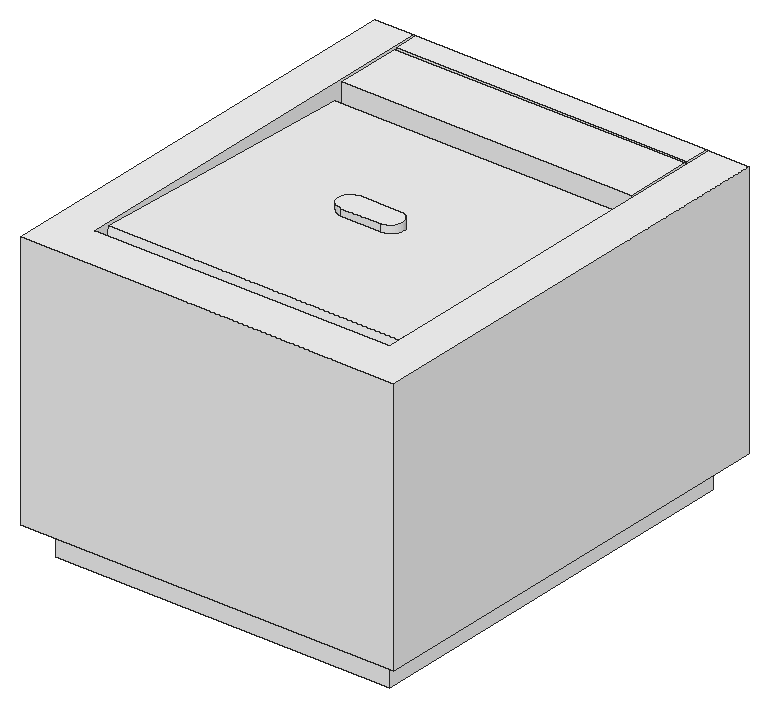
Revit family "Gira_010730", category Electrical Fixtures, host Face, Revit 2017
Family settings
  Host = Face
  Maintain Annotation Orientation = Yes
  Round Connector Dimension = Use Diameter
  Part Type = Normal
  Cut with Voids When Loaded = No
  Shared = No
  Room Calculation Point = No
Parameters (values of type "Rocker sw. interm.sw. WP surface-mounted grey")
  With mounting plate = "No"
  Wiring system = "Intermediate switch"
  White [instance] = White
  Washing machine switch = "No"
  URL = "http://katalog.gira.de/en/datenblatt.html?artikelnr=010730"
  Type of lighting = "Not included"
  Type of fastening = "Screw mounting"
  Surface protection = "Other"
  Suitable for degree of protection (IP) = "IP44"
  Rated current = "10"
  Push button switch = "No"
  Number of rockers = "1"
  Number of modules (module system) = "1"
  Nominal voltage = "250"
  Name = "Rocker sw. interm.sw. WP surface-mounted grey"
  Mounting method = "Surface mounted (plaster)"
  Method of operation = "Rocker/button"
  Material quality = "Other"
  Material = "Other"
  Manufacturer URL = "https://www.gira.de/"
  Manufacturer = "Gira"
  Label space/information surface = "No"
  Illumination = "Yes"
  HeinzeBIM = "https://bimportal.heinze.de/bim/rocker-sw-interm-sw-wp-surface-mounted-grey/d38cd6cec44ea605be947c82d8015248c3a0dca0"
  Halogen free = "No"
  HAN = "010730"
  GTIN = "4010337107309"
  Function lighting = "Illuminated (on)"
  Feedback-signal contact = "No"
  Description = "Rock.sw.interm.sw.WP SM GY,Rocker switch 10 AX 250 V~,Intermediate switch,grey,Notes :,- Can also be connected with illumination."
  Default Elevation = 1219.2 mm
  Data sheet (1) = "https://katalog.gira.de/en/download.html?artikelnr=010730"
  Connection type = "Plug clamp"
  Colour = "Grey"
  Category = "Switch"
  BIM (1) = "https://media.stage.bim.site/public/gira/36a6b08/IP44_Komplettgerät_Schalten und Tasten.rfa?public/gira/36a6b08/IP44_Komplettgerät_Schalten und Tasten.rfa"
  Available = "No"
  Assembly arrangement = "Basic element with complete housing"
Reference planes
  plane 1 "Center (Front/Back)": y = 0
  plane 2: z = 0
  plane 3 "Center (Left/Right)": x = 0
  plane 4: x = 30
  plane 5: x = -30
  plane 6: z = 41.4
Forms (mm)
  Extrusion 1, solid, material "White" <- "White", detail levels medium+fine
    sketch origin (0, 0, 0) x (1, 0, 0) y (0, 1, 0)
      loop
        line (-34, 41) -> (-34, -41) -> (34, -41) -> (34, 41) -> (-34, 41)
    from 0 to -6.2
  Extrusion 2, solid, material "White" <- "White", detail levels medium+fine
    sketch origin (0, 0, 0) x (1, 0, 0) y (0, 1, 0)
      loop
        line (-38, 45) -> (-38, -45) -> (38, -45) -> (38, 45) -> (-38, 45)
    from 0 to 52.4
  Extrusion 3, void
    sketch origin (0, 0, 0) x (1, 0, 0) y (0, 0, 1)
      loop
        line (-30, 59.413) -> (-30, 41.4) -> (30, 41.4) -> (30, 59.413) -> (-30, 59.413)
    from 36 to -113.06
  Extrusion 4, solid, material "White" <- "White", detail levels medium
    sketch origin (225, 0, 0) x (1, 0, 0) y (0, 1, 0)
      loop
        line (-254.5, 44.5) -> (-254.5, -35.5) -> (-195.5, -35.5) -> (-195.5, 44.5) -> (-254.5, 44.5)
    from 41.4 to 52.4
  Extrusion 5, solid, material "White" <- "White", detail levels fine
    sketch origin (0, 0, 0) x (1, 0, 0) y (0, 1, 0)
      loop
        line (-29.5, 45) -> (-29.5, 40) -> (29.5, 40) -> (29.5, 45) -> (-29.5, 45)
    from 41.4 to 52.4
  Extrusion 6, solid, material "White" <- "White", detail levels fine
    sketch origin (0, 0, 0) x (1, 0, 0) y (0, 1, 0)
      loop
        line (29.5, 39.5) -> (-29.5, 39.5) -> (-29.5, 26) -> (29.5, 26) -> (29.5, 39.5)
    from 41.4 to 52.4
  Extrusion 7, solid, material "White" <- "White", detail levels fine
    sketch origin (0, 0, 0) x (1, 0, 0) y (0, 1, 0)
      loop
        arc (-4, -1) -> (-6.5, -3.5) -> (-4, -6) r 2.5
        line (-4, -6) -> (4, -6)
        arc (4, -6) -> (6.5, -3.5) -> (4, -1) r 2.5
        line (4, -1) -> (-4, -1)
    from 41.4 to 52.4
  Extrusion 8, solid, material "White" <- "White", detail levels coarse
    sketch origin (0, 0, 0) x (1, 0, 0) y (0, 1, 0)
      loop
        line (-38, 46) -> (-38, -45) -> (38, -45) -> (38, 46) -> (-38, 46)
    from -6.2 to 52.4
  Extrusion 9, solid, material "White" <- "White", detail levels medium+fine
    sketch origin (0, 0, 0) x (1, 0, 0) y (0, 0, 1)
      loop
        circle (0, 14) r 3.6
    from -46 to -45
  Extrusion 10, solid, material "White" <- "White", detail levels fine
    sketch origin (0, 0, 0) x (0, 1, 0) y (0, 0, 1)
      loop
        line (-36, 41.4) -> (26, 41.4) -> (24.38, 49.736) -> (-33.115, 52.169) -> (-36, 41.4)
    from -29.5 to 29.5
Cuts and joins
  Extrusion 3 cuts Extrusion 2
Dimensions and locks
  aligned and locked: plane 2 to host face
  aligned and locked: level to host face
  aligned and locked: plane 3 "Center (Left/Right)" to nested 1
  aligned and locked: plane 1 "Center (Front/Back)" to nested 1
Nested families
  nested 1: "Schalter" at (0, 0, 0), type "Schalter"
Connectors
  electrical at (0, 0, -6.2)
    settings: on Extrusion 1, index 1, voltage 224 V, apparent load 0 VA, apparent load phase1 0 VA, apparent load phase2 0 VA, apparent load phase3 0 VA, power factor 1, load classification "Other", number of poles 1, system type 30, power factor state 1, is connector primary yes, connector utility no, sub classification motor no, connector description ""
Definition of nested family "Schalter"
  Reference planes
    plane 1: y = 0
    plane 2: x = 0
  Lines and regions (mm)
    detail lines
      curve 1: circle (1.375, 2.778, 0) r 0.8 normal (0, 0, 1)
      curve 2: line (1.021, 2.061, 0) -> (0, 0, 0)
      curve 3: line (0, 0, 0) -> (-0.538, 0.266, 0)
  Dimensions and locks
    curve 2 to curve 2 = 2.3 mm
    curve 3 to curve 2 = 0.6 mm
    radius of curve 1 = 0.8 mm
